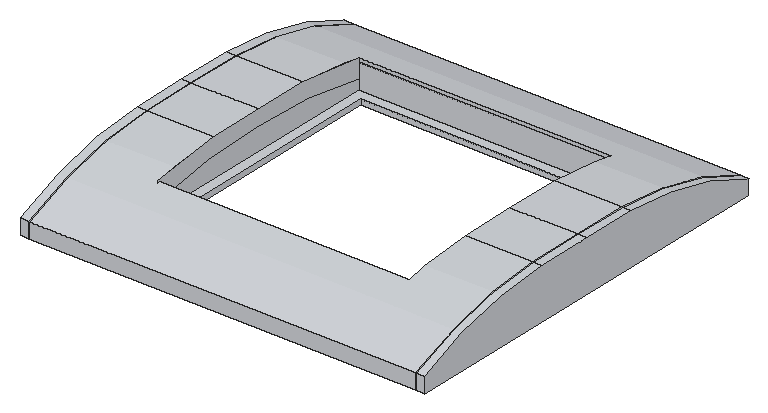
Revit family "Gira_1002778", category Electrical Fixtures, host Face, Revit 2017
Family settings
  Host = Face
  Maintain Annotation Orientation = No
  Round Connector Dimension = Use Diameter
  Part Type = Normal
  Cut with Voids When Loaded = No
  Shared = No
  Room Calculation Point = No
Parameters (values of type "Abdeckrahmen 2f o.M. Zwischenr. AN Gira Event Klar Sand")
  Werkstoffgüte = "Thermoplast"
  Werkstoff = "Kunststoff"
  URL = "http://katalog.gira.de/de_DE/datenblatt.html?artikelnr=1002778"
  Transparent = "No"
  Textfeld/Beschriftungsfläche = "No"
  Schutzart (IP) = "IP20"
  Region = "DE"
  Oberfläche = "sonstige"
  Name = "Abdeckrahmen 2f o.M. Zwischenr. AN Gira Event Klar Sand"
  Montagerichtung = "horizontal und vertikal"
  Mit Montagerahmen = "No"
  Mit Klappdeckel = "No"
  Manufacturer URL = "https://www.gira.de/"
  Keynote = "Event_Rahmen_2fach o.Mittelsteg"
  HeinzeBIM = "https://bimportal.heinze.de/bim/abdeckrahmen-2f-o-m-zwischenr-an-gira-event-klar-sand/df9116cefdb11d8a4e390bbace75ed6fc30bc938"
  Halogenfrei = "Yes"
  HAN = "1002778"
  Geeignet für Unterputz-Installation = "Yes"
  Geeignet für Unterflurkanaldose = "No"
  Geeignet für Geräteeinbaukanal = "No"
  Geeignet für Einbauinstallation = "No"
  GTIN = "4010337070375"
  Farbe = "sonstige"
  Default Elevation = 1219.2 mm
  Data sheet (1) = "https://katalog.gira.de/de_DE/download.html?artikelnr=1002778"
  Category = "Abdeckrahmen"
  Befestigungsart = "Klemmbefestigung"
  Available = "Yes"
  Ausführung der Oberfläche = "glänzend"
  Anzahl der Einheiten vertikal = "2 "
  Anzahl der Einheiten horizontal = "2 "
  Anzahl der Einheiten = "2 "
Reference planes
  plane 1 "Center (Front/Back)": y = 0
  plane 2: z = 0
  plane 3 "Center (Left/Right)": x = 0
Forms (mm)
  Extrusion 1, solid, detail levels fine
    sketch origin (0, 0, 1.55) x (0, 1, 0) y (0, 0, 1)
      loop
        arc (12.445, 9.683) -> (6.223, 9.833) -> (0, 9.85) r 291.636
        arc (0, 9.85) -> (-6.223, 9.833) -> (-12.445, 9.683) r 291.636
        arc (-12.445, 9.683) -> (-29.14, 7.482) -> (-45, 1.823) r 79.728
        line (-45, 1.823) -> (-45, -1.55) -> (-41.777, -1.55) -> (-41.777, -0.55)
        arc (-41.777, -0.55) -> (-21.205, 4.846) -> (0, 6.467) r 118.15
        arc (0, 6.467) -> (21.205, 4.846) -> (41.777, -0.55) r 118.15
        line (41.777, -0.55) -> (41.777, -1.55) -> (45, -1.55) -> (45, 1.823)
        arc (45, 1.823) -> (29.14, 7.482) -> (12.445, 9.683) r 79.728
    from -43 to 43
  Extrusion 2, void, detail levels fine
    sketch origin (0, 0, 0) x (1, 0, 0) y (0, 1, 0)
      loop
        line (-28, -28) -> (28, -28) -> (28, 28) -> (-28, 28) -> (-28, -28)
    from 2.85 to 12
  Extrusion 3, solid, detail levels coarse
    sketch origin (0, 0, 0) x (1, 0, 0) y (0, 1, 0)
      loop
        line (-45, 45) -> (-45, -45) -> (45, -45) -> (45, 45) -> (-45, 45)
    from 0 to 11.4
  Extrusion 4, solid, detail levels medium
    sketch origin (0, 0, 1.55) x (0, 1, 0) y (0, 0, 1)
      loop
        arc (12.445, 9.683) -> (6.223, 9.833) -> (0, 9.85) r 291.636
        arc (0, 9.85) -> (-6.223, 9.833) -> (-12.445, 9.683) r 291.636
        arc (-12.445, 9.683) -> (-29.14, 7.482) -> (-45, 1.823) r 79.728
        line (-45, 1.823) -> (-45, -1.55) -> (45, -1.55) -> (45, 1.823)
        arc (45, 1.823) -> (29.14, 7.482) -> (12.445, 9.683) r 79.728
    from -45 to 45
  Extrusion 5, solid, detail levels fine
    sketch origin (0, 0, 0) x (0, 1, 0) y (0, 0, 1)
      loop
        arc (45, 3.373) -> (29.14, 9.032) -> (12.445, 11.233) r 79.728
        arc (12.445, 11.233) -> (6.223, 11.383) -> (0, 11.4) r 291.636
        arc (0, 11.4) -> (-6.223, 11.383) -> (-12.445, 11.233) r 291.636
        arc (-12.445, 11.233) -> (-29.14, 9.032) -> (-45, 3.373) r 79.728
        line (-45, 3.373) -> (-45, 0) -> (45, 0) -> (45, 3.373)
    from 43 to 45
  Extrusion 6, solid, detail levels fine
    sketch origin (0, 0, 0) x (0, 1, 0) y (0, 0, -1)
      loop
        line (45, -3.373) -> (45, 0) -> (-45, 0) -> (-45, -3.373)
        arc (-45, -3.373) -> (-29.14, -9.032) -> (-12.445, -11.233) r 79.728
        arc (-12.445, -11.233) -> (-6.223, -11.383) -> (0, -11.4) r 291.636
        arc (0, -11.4) -> (6.223, -11.383) -> (12.445, -11.233) r 291.636
        arc (12.445, -11.233) -> (29.14, -9.032) -> (45, -3.373) r 79.728
    from 43 to 45
  Extrusion 7, solid, detail levels fine
    sketch origin (0, 0, 0) x (1, 0, 0) y (0, 1, 0)
      loop
        line (-25.7, 25.7) -> (-25.7, -25.7) -> (25.7, -25.7) -> (25.7, 25.7) -> (-25.7, 25.7)
      loop
        line (-29.495, 27.895) -> (-29.495, -27.895)
        spline (-29.495, -27.895) -> (-29.486, -28.025) -> (-29.461, -28.154) -> (-29.419, -28.278) -> (-29.361, -28.395) -> (-29.288, -28.504) -> (-29.202, -28.602) -> (-29.104, -28.688) -> (-28.995, -28.761) -> (-28.878, -28.819) -> (-28.754, -28.861) -> (-28.625, -28.886) -> (-28.495, -28.895)
        line (-28.495, -28.895) -> (28.495, -28.895)
        spline (28.495, -28.895) -> (28.625, -28.886) -> (28.754, -28.861) -> (28.878, -28.819) -> (28.995, -28.761) -> (29.104, -28.688) -> (29.202, -28.602) -> (29.288, -28.504) -> (29.361, -28.395) -> (29.419, -28.278) -> (29.461, -28.154) -> (29.486, -28.025) -> (29.495, -27.895)
        line (29.495, -27.895) -> (29.495, 27.895)
        spline (29.495, 27.895) -> (29.486, 28.025) -> (29.461, 28.154) -> (29.419, 28.278) -> (29.361, 28.395) -> (29.288, 28.504) -> (29.202, 28.602) -> (29.104, 28.688) -> (28.995, 28.761) -> (28.878, 28.819) -> (28.754, 28.861) -> (28.625, 28.886) -> (28.495, 28.895)
        line (28.495, 28.895) -> (-28.495, 28.895)
        spline (-28.495, 28.895) -> (-28.625, 28.886) -> (-28.754, 28.861) -> (-28.878, 28.819) -> (-28.995, 28.761) -> (-29.104, 28.688) -> (-29.202, 28.602) -> (-29.288, 28.504) -> (-29.361, 28.395) -> (-29.419, 28.278) -> (-29.461, 28.154) -> (-29.486, 28.025) -> (-29.495, 27.895)
    from 1.673 to 8.5
Cuts and joins
  Extrusion 2 cuts Extrusion 1
  Extrusion 2 cuts Extrusion 7
Dimensions and locks
  aligned and locked: plane 2 to host face
  aligned and locked: level to host face
